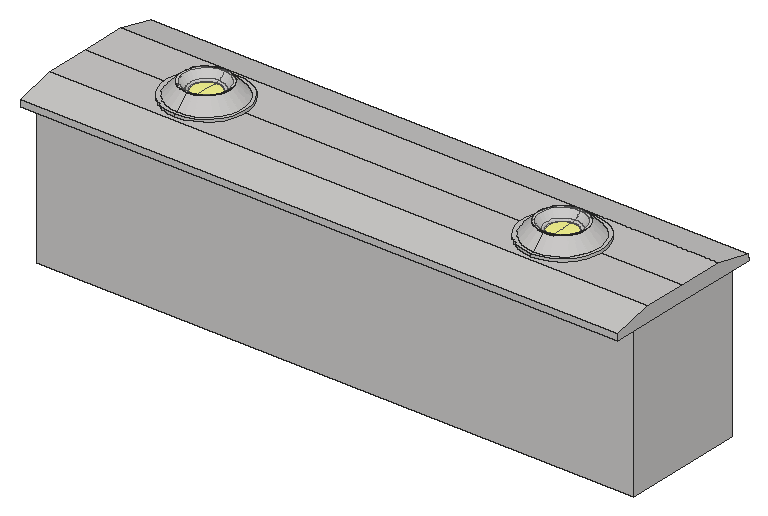
Revit family "CELEM", category Lighting Fixtures, host Face, Revit 2014
Parameters (values of type "CELEM")
  zz Length 1 [instance] = if(Single Face, 0.200", 0.250")  # 0.200"
  Width = 2.0625"
  Watts = 3.72 W
  Wattage Comments = "3.72 W"
  Warranty = "2 year full unit warranty"  # constant formula
  Wall Plate Material = Hubbell - Black
  Voltage [instance] = if(Is 120VAC, 120 V, 277 V)  # 120 V
  URL = "https://www.hubbell.com/compassproducts/en/"
  Type Comments = "Exit Light"  # constant formula
  Single Face = yes
  Product Page URL = "https://www.hubbell.com/compassproducts/en/Products/Lighting-Controls/Emergency-Exit-Lighting/Emergency-Lighting-Units/CELEM/p/4497860"
  Product Documentation Link = "https://hubbellcdn.com/specsheet/COM_CELEM_SPEC.pdf"
  Model = "CELEM"
  Manufacturer = "Compass Lighting"  # constant formula
  Load Classification = Lighting
  Lens = Hubbell Light Yellow
  Length = 10.0625"
  Lamp = "LED Lamp"  # constant formula
  Is 277VAC [instance] = not(Is 120VAC)  # no
  Is 120VAC [instance] = yes
  Holder Material = Hubbell - Steel
  Glass = Hubbell - light Glass
  Finish = Hubbell - White
  Features = "LED Life Cycle more than 10 years\r\nBattery recharge within 24 hours\r\nDamp location listed 10°C to 40°C (50°F to 104°F)\r\nDual-voltage 120 or 277V AC, 60Hz. input\r\nIncludes long-life Nickel Metal Hydride battery for UL recognized 90 minute emergency lighting\r\nProvided with test switch and AC-On indicator\r\nMatching CELC Edge-Lit combination exit/emergency light"  # constant formula
  Double Face = no
  Description = "The CELEM Series is a recessed architectural LED based Emergency Light with adjustable LED lamps"  # constant formula
  Default Elevation = 48.000"
  Certification = "UL924 Listed for Damp Location\r\nOSHA"  # constant formula
  Apparent Load = Watts  # 3.72 VA
Reference planes (in)
  plane 1 "Center (Front/Back)": y = 0
  plane 2: z = 0
  plane 3 "Center (Left/Right)": x = 0
  plane 4: z = 8.2
  plane 5: x = -5.03125
  plane 6: x = 5.03125
  plane 7: y = 1.03125
  plane 8: y = -1.03125
  plane 9: y = 1.375
  plane 10: y = -1.375
  plane 11: z = 0.5
Forms (in)
  Extrusion 1, solid, material "Hubbell - Steel" <- "Holder Material"
    sketch origin (0, 0, 0) x (1, 0, 0) y (0, 1, 0)
      loop
        line (-5.03125, 1.03125) -> (-5.03125, -1.03125) -> (5.03125, -1.03125) -> (5.03125, 1.03125) -> (-5.03125, 1.03125)
    from 0 to -2.5
  Extrusion 2, solid, material "Hubbell - Steel" <- "Holder Material"
    sketch origin (0, 0, 0) x (0, 1, 0) y (0, 0, 1)
      loop
        line (0, 0) -> (1.375, 0) -> (1.375, 0.1) -> (0.75, 0.25) -> (0, 0.25) -> (-0.75, 0.25) -> (-1.375, 0.1) -> (-1.375, 0) -> (0, 0)
    from -5.03125 to 5.03125
  Revolve 3, solid, material "Hubbell - Steel" <- "Holder Material"
    sketch origin (3, 0, 0) x (0, 1, 0) y (0, 0, 1)
      loop
        line (0, 0.25) -> (0, 0.36238) -> (-0.24529, 0.36238)
        arc (-0.24529, 0.36238) -> (-0.26556, 0.37846) -> (-0.28583, 0.36238) r 0.02081
        line (-0.28583, 0.36238) -> (-0.36694, 0.49219) -> (-0.40004, 0.49219) -> (-0.60116, 0.29106) -> (-0.66358, 0.29106) -> (-0.66358, 0.25) -> (0, 0.25)
      axis (0, 0.49219) -> (0, 0.25)
    angle from 0 to 360
  Extrusion 4, solid, material "Hubbell - light Glass" <- "Glass"
    sketch origin (0, 0, 0) x (1, 0, 0) y (0, 1, 0)
      loop
        circle (-3, 0) r 0.40004
      loop
        circle (3, 0) r 0.40004
    from 0.49219 to 0.5
  Revolve 5, solid, material "Hubbell - Steel" <- "Holder Material"
    sketch origin (-3, 0, 0) x (0, 1, 0) y (0, 0, -1)
      loop
        line (0, -0.25) -> (-0.66358, -0.25) -> (-0.66358, -0.29106) -> (-0.60116, -0.29106) -> (-0.40004, -0.49219) -> (-0.36694, -0.49219) -> (-0.28583, -0.36238)
        arc (-0.28583, -0.36238) -> (-0.26556, -0.37846) -> (-0.24529, -0.36238) r 0.02081
        line (-0.24529, -0.36238) -> (0, -0.36238) -> (0, -0.25)
      axis (0, -0.49219) -> (0, -0.25)
    angle from 0 to 360
  Revolve 6, solid, material "Hubbell Light Yellow" <- "Lens"
    sketch origin (3, 0, 0) x (0, 1, 0) y (0, 0, 1)
      loop
        line (0, 0.34871) -> (0, 0.37954)
        arc (0, 0.37954) -> (-0.15992, 0.37335) -> (-0.31805, 0.34871) r 1.38132
        line (-0.31805, 0.34871) -> (0, 0.34871)
      axis (0, 0.37954) -> (0, 0.34017)
    angle from 0 to 360
  Revolve 7, solid, material "Hubbell Light Yellow" <- "Lens"
    sketch origin (-3, 0, 0) x (0, 1, 0) y (0, 0, -1)
      loop
        line (0, -0.34871) -> (-0.31805, -0.34871)
        arc (-0.31805, -0.34871) -> (-0.15992, -0.37335) -> (0, -0.37954) r 1.38132
        line (0, -0.37954) -> (0, -0.34871)
      axis (0, -0.37954) -> (0, -0.34017)
    angle from 0 to 360
Dimensions and locks (in)
  plane 4 to plane 2 = 8.200"
  equal spacing: plane 8, plane 1 "Center (Front/Back)", plane 7
  "Width": plane 8 to plane 7
  equal spacing: plane 5, plane 3 "Center (Left/Right)", plane 6
  "Length": plane 5 to plane 6
  aligned and locked: plane 2 to host face
  aligned and locked: level to host face
Automatic sketch dimensions
  host sketch curve to host sketch curve = 96.000"  (x2)
  Extrusion 1 sketch curve to plane 5 = 0.000"
  Extrusion 1 sketch curve to plane 6 = 0.000"
  plane 8 to Extrusion 1 sketch curve = 0.000"
  plane 7 to Extrusion 1 sketch curve = 0.000"
  Extrusion 2 sketch curve to plane 10 = 0.000"
  Extrusion 2 sketch curve to level = 0.000"
  Extrusion 2 sketch curve to plane 1 "Center (Front/Back)" = 0.000"  (x2)
  Extrusion 2 sketch curve to plane 9 = 0.000"
  Extrusion 2 sketch curve to plane 8 = 0.28125"
  plane 7 to Extrusion 2 sketch curve = 0.28125"
  Extrusion 2 sketch curve to Extrusion 2 sketch curve = 0.100"  (x2)
  level to Extrusion 2 sketch curve = 0.250"
  Revolve 3 sketch curve to plane 1 "Center (Front/Back)" = 0.000"  (x2)
  plane 1 "Center (Front/Back)" to Revolve 3 sketch curve = 0.24529"
  Revolve 3 sketch curve to Revolve 3 sketch curve = 0.02027"  (x2)
  Revolve 3 sketch curve to plane 11 = 0.13762"
  Revolve 3 sketch curve to plane 11 = 0.00781"
  Revolve 3 sketch curve to Revolve 3 sketch curve = 0.08111"
  Revolve 3 sketch curve to Revolve 3 sketch curve = 0.0331"
  Revolve 3 sketch curve to plane 11 = 0.20894"
  Revolve 3 sketch curve to Revolve 3 sketch curve = 0.20112"
  Revolve 3 sketch curve to Revolve 3 sketch curve = 0.06242"
  Revolve 3 sketch curve to Revolve 3 sketch curve = 0.04106"
  Revolve 3 sketch curve to Revolve 3 sketch curve = 0.00473"
  Revolve 3 sketch curve to level = 24.000"
  plane 4 to Revolve 3 sketch curve = 31.70263"
  Extrusion 4 sketch curve to Extrusion 4 sketch curve = 0.000"  (x4)
  plane 1 "Center (Front/Back)" to Extrusion 4 sketch curve = 0.000"  (x2)
  plane 5 to Extrusion 4 sketch curve = 2.03125"
  Extrusion 4 sketch curve to plane 6 = 2.03125"
  plane 1 "Center (Front/Back)" to Extrusion 4 sketch curve = 0.40004"  (x2)
  Revolve 5 sketch curve to plane 1 "Center (Front/Back)" = 0.000"  (x2)
  plane 1 "Center (Front/Back)" to Revolve 5 sketch curve = 0.24529"
  Revolve 5 sketch curve to Revolve 5 sketch curve = 0.02027"  (x2)
  Revolve 5 sketch curve to plane 11 = 0.13762"
  Revolve 5 sketch curve to plane 11 = 0.00781"
  Revolve 5 sketch curve to Revolve 5 sketch curve = 0.08111"
  Revolve 5 sketch curve to Revolve 5 sketch curve = 0.0331"
  Revolve 5 sketch curve to plane 11 = 0.20894"
  Revolve 5 sketch curve to Revolve 5 sketch curve = 0.20112"
  Revolve 5 sketch curve to Revolve 5 sketch curve = 0.06242"
  Revolve 5 sketch curve to Revolve 5 sketch curve = 0.00473"
  Revolve 5 sketch curve to Revolve 5 sketch curve = 0.04106"
  plane 4 to Revolve 5 sketch curve = 31.70263"
  Revolve 5 sketch curve to level = 24.000"
  Revolve 6 sketch curve to plane 1 "Center (Front/Back)" = 0.000"  (x2)
  plane 1 "Center (Front/Back)" to Revolve 6 sketch curve = 0.02667"
  Revolve 6 sketch curve to plane 11 = 0.15129"
  plane 1 "Center (Front/Back)" to Revolve 6 sketch curve = 0.31805"
  Revolve 6 sketch curve to level = 1.00153"
  Revolve 6 sketch curve to Revolve 6 sketch curve = 22.99847"
  plane 4 to Revolve 6 sketch curve = 31.70263"
  Revolve 7 sketch curve to plane 1 "Center (Front/Back)" = 0.000"  (x2)
  plane 1 "Center (Front/Back)" to Revolve 7 sketch curve = 0.02667"
  Revolve 7 sketch curve to plane 11 = 0.15129"
  plane 1 "Center (Front/Back)" to Revolve 7 sketch curve = 0.31805"
  Revolve 7 sketch curve to Revolve 7 sketch curve = 0.03082"
  plane 4 to Revolve 7 sketch curve = 31.70263"
  Revolve 7 sketch curve to Revolve 7 sketch curve = 22.99847"
Nested families (in)
  nested 1: "Family1" at (-3.02603, 0.10727, -53.5), type "Family1"
  nested 2: "Family1" at (3.02603, 0.10727, -53.5) x (-1, 0, 0) z (0, 0, 1), type "Family1"
Connectors (in)
  electrical at (0, 0, -2.5), driven by "Voltage", driven by "Apparent Load"
    settings: on Extrusion 1, index 1, voltage 120 V, apparent load 3.72 VA, apparent load phase1 0 VA, apparent load phase2 0 VA, apparent load phase3 0 VA, power factor 1, load classification "Other", number of poles 1, system type 30, power factor state 1, is connector primary yes, connector utility no, sub classification motor no, connector description "Lighting Connector"
Definition of nested family "Family1"
  Parameters (values of type "Family1")
    Wattage = 12.1178 W
    built-in parameter 1150110 = 1 (stored number, unit not read)
    built-in parameter 1114217 = 1 (stored number, unit not read)
    Tilt Angle = 0.00°
    built-in parameter 1150109 = 1 (stored number, unit not read)
    built-in parameter 1150134 = (empty or 0)
    built-in parameter 1150113 = 1 (stored number, unit not read)
    Photometric Web File = "CELEM.ies"
    Lumens = 1800 lm
    built-in parameter 1150115 = 1 (stored number, unit not read)
    built-in parameter 1150105 = -190950 (stored number, unit not read)
    built-in parameter 1150137 = (empty or 0)
    built-in parameter 1150139 = (empty or 0)
    built-in parameter 1150112 = 1 (stored number, unit not read)
    built-in parameter 1150114 = 1 (stored number, unit not read)
    built-in parameter 1150132 = 2
    built-in parameter 1150102 = (empty or 0)
    built-in parameter 1150138 = (empty or 0)
    built-in parameter 1150107 = 3000 (stored number, unit not read)
    built-in parameter 1150106 = -1909.5 (stored number, unit not read)
    built-in parameter 1150104 = 13.8 (stored number, unit not read)
    Dimming Lamp Color Temperature Shift = (empty or 0)
    Color Filter = 16777215
    built-in parameter 1114218 = 1 (stored number, unit not read)
    built-in parameter 1150133 = 10 (stored number, unit not read)
  Reference planes (in)
    plane 1 "Light Source Axis (F/B)": y = 0
    plane 2: z = 0
    plane 3 "Light Source Axis (L/R)": x = 0
    plane 4 "Light Source Elevation": z = 54
  Dimensions and locks (in)
    aligned and locked: plane 3 "Light Source Axis (L/R)" to imposter light
    aligned and locked: level to plane 2
